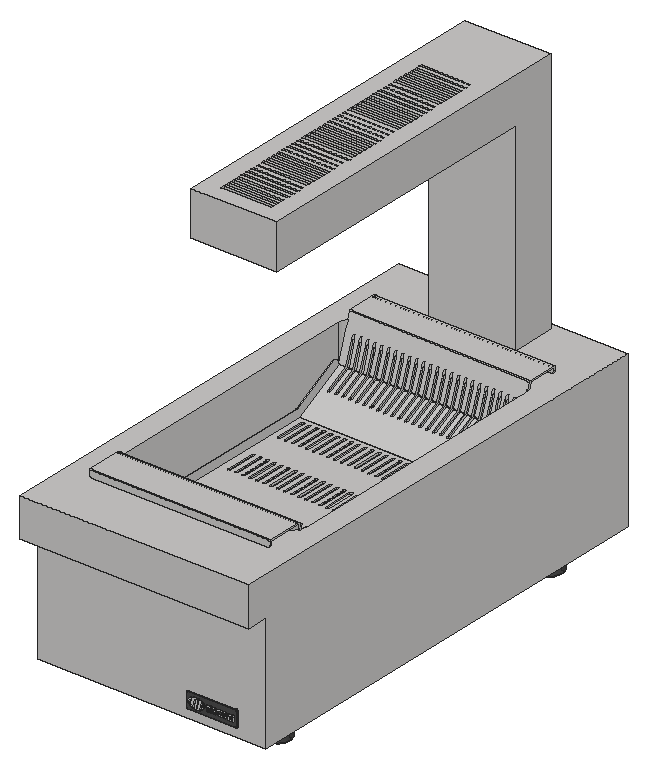
Revit family "QF_MACOM_CF71C-A2M", category Equipamento especial, Revit 2020 (continued)
Definition of nested family "ESCORREDOR_CF"
  Automatic sketch dimensions
    Extrusion 4 sketch curve to Extrusion 4 sketch curve = 54.972 mm
    Extrusion 4 sketch curve to Extrusion 4 sketch curve = 55 mm
    Extrusion 4 sketch curve to plane 4 = 4.65 mm  (x3)
    Extrusion 5 sketch curve to level = 0 mm  (x2)
    plane 3 "Center (Left/Right)" to Extrusion 5 sketch curve = 7.42 mm
    Extrusion 5 sketch curve to Extrusion 5 sketch curve = 5 mm  (x2)
    plane 4 to Extrusion 5 sketch curve = 134.702 mm
    Extrusion 6 sketch curve to level = 0 mm  (x2)
    Extrusion 6 sketch curve to Extrusion 6 sketch curve = 5 mm
    level to Extrusion 6 sketch curve = 5 mm
    plane 4 to Extrusion 6 sketch curve = 134.702 mm
    plane 3 "Center (Left/Right)" to Extrusion 6 sketch curve = 12.42 mm
Definition of nested family "Pé de apoio"
  Parameters (values of type "Pé de apoio")
    Default Elevation = 0 mm
  Reference planes
    plane 1 "Centro (Frente/Trás)": y = 0
    plane 2: z = 0
    plane 3 "Centro (Esquerda/Direita)": x = 0
  Forms (mm)
    Revolve 1, solid
      sketch origin (0, 0, 0) x (1, 0, 0) y (0, 0, 1)
        loop
          line (0, 4.6) -> (18.5, 4.6) -> (18.5, 6.565) -> (19.685, 6.565) -> (17.281, 20.026) -> (15.5, 20.026) -> (15.5, 21.498) -> (4, 21.498) -> (4, 24.6) -> (0, 24.6) -> (0, 4.6)
        axis (0, 24.6) -> (0, 4.6)
      angle from 0 to 360
  Dimensions and locks
    Revolve 1 sketch curve to Revolve 1 sketch curve = 20 mm
    aligned and locked: level to plane 2
Definition of nested family "LOGOTIPO MACOM"
  Parameters (values of type "LOGOTIPO MACOM")
    Default Elevation = 0 mm
  Reference planes
    plane 1 "Centro (Frente/Trás)": y = 0
    plane 2: z = 0
    plane 3 "Centro (Esquerda/Direita)": x = 0
    plane 4: z = 9.186
    plane 5: z = 16.297
    plane 6: z = 12.742
    plane 7: x = -24.005
  Forms (mm)
    Extrusion 1, solid
      sketch origin (0, 4.488, 0.011) x (1, 0, 0) y (0, 0.000061, 1)
        loop
          arc (-37.5, 25.9) -> (-39.268, 25.168) -> (-40, 23.4) r 2.5
          line (-40, 23.4) -> (-40, 2.5)
          arc (-40, 2.5) -> (-39.268, 0.732) -> (-37.5, 0) r 2.5
          line (-37.5, 0) -> (37.5, 0)
          arc (37.5, 0) -> (39.268, 0.732) -> (40, 2.5) r 2.5
          line (40, 2.5) -> (40, 23.4)
          arc (40, 23.4) -> (39.268, 25.168) -> (37.5, 25.9) r 2.5
          line (37.5, 25.9) -> (-37.5, 25.9)
      from 5.474 to 4.489
    Extrusion 2, solid
      sketch origin (0, 4.488, 0.011) x (1, 0, 0) y (0, 0.000061, 1)
        loop
          arc (-39, 3.5) -> (-38.268, 1.732) -> (-36.5, 1) r 2.5
          line (-36.5, 1) -> (36.5, 1)
          arc (36.5, 1) -> (38.268, 1.732) -> (39, 3.5) r 2.5
          line (39, 3.5) -> (39, 22.668)
          arc (39, 22.668) -> (38.268, 24.436) -> (36.5, 25.168) r 2.5
          line (36.5, 25.168) -> (-36.5, 25.168)
          arc (-36.5, 25.168) -> (-38.268, 24.436) -> (-39, 22.668) r 2.5
          line (-39, 22.668) -> (-39, 3.5)
      from 5.474 to 6.289
    Extrusion 3, solid
      sketch origin (24.652, 4.488, 0.011) x (-1, 0, 0) y (0, -0.000061, -1)
        loop
          line (32.653, -17.092) -> (32.653, -8.35) -> (30.809, -8.35) -> (30.809, -14.038)
          arc (30.809, -14.038) -> (30.194, -14.653) -> (29.579, -14.038) r 0.615
          line (29.579, -14.038) -> (29.579, -8.35) -> (27.735, -8.35) -> (27.735, -14.038)
          arc (27.735, -14.038) -> (27.12, -14.653) -> (26.506, -14.038) r 0.615
          line (26.506, -14.038) -> (26.506, -8.35) -> (24.661, -8.35) -> (24.661, -15.193)
          arc (24.661, -15.193) -> (25.218, -16.536) -> (26.561, -17.092) r 1.899
          line (26.561, -17.092) -> (32.653, -17.092)
        loop
          line (23.432, -8.347) -> (21.476, -8.347) -> (21.476, -10.838) -> (19.632, -10.838) -> (19.632, -8.347) -> (17.9, -8.347) -> (17.9, -15.248)
          arc (17.9, -15.248) -> (18.44, -16.552) -> (19.744, -17.092) r 1.844
          line (19.744, -17.092) -> (23.432, -17.092) -> (23.432, -8.347)
        loop
          line (19.744, -12.773) -> (19.744, -14.314)
          arc (19.744, -14.314) -> (19.926, -14.753) -> (20.365, -14.935) r 0.621
          line (20.365, -14.935) -> (21.588, -14.935) -> (21.588, -12.773) -> (19.744, -12.773)
        loop
          line (-1.629, -17.092) -> (-1.629, -8.35) -> (-3.474, -8.35) -> (-3.474, -14.038)
          arc (-3.474, -14.038) -> (-4.088, -14.653) -> (-4.703, -14.038) r 0.615
          line (-4.703, -14.038) -> (-4.703, -8.35) -> (-6.547, -8.35) -> (-6.547, -14.038)
          arc (-6.547, -14.038) -> (-7.162, -14.653) -> (-7.777, -14.038) r 0.615
          line (-7.777, -14.038) -> (-7.777, -8.35) -> (-9.621, -8.35) -> (-9.621, -15.193)
          arc (-9.621, -15.193) -> (-9.064, -16.536) -> (-7.721, -17.092) r 1.899
          line (-7.721, -17.092) -> (-1.629, -17.092)
        loop
          line (9.587, -17.092) -> (12.299, -17.092)
          arc (12.299, -17.092) -> (16.67, -12.721) -> (12.299, -8.35) r 4.371
          line (12.299, -8.35) -> (9.754, -8.35) -> (9.754, -10.194) -> (12.276, -10.194)
          arc (12.276, -10.194) -> (14.804, -12.721) -> (12.276, -15.248) r 2.527
          line (12.276, -15.248) -> (9.587, -15.248) -> (9.587, -17.092)
        loop
          line (56.832, -8.05) -> (55.056, -18.123)
          spline (55.056, -18.123) -> (56.262, -17.518) -> (57.317, -16.815) -> (58.199, -16.029) -> (58.892, -15.175) -> (59.381, -14.269) -> (59.658, -13.331) -> (59.715, -12.378) -> (59.552, -11.43) -> (59.173, -10.505) -> (58.585, -9.622) -> (57.799, -8.798) -> (56.832, -8.05)
        loop
          spline (53.362, -6.487) -> (53.217, -6.446) -> (53.071, -6.406) -> (52.923, -6.368) -> (52.775, -6.331) -> (52.626, -6.295) -> (52.476, -6.26) -> (52.326, -6.227) -> (52.174, -6.195) -> (52.022, -6.165) -> (51.869, -6.136) -> (51.715, -6.108) -> (51.561, -6.082)
          line (51.561, -6.082) -> (49.643, -16.962)
          arc (49.643, -16.962) -> (50.579, -17.898) -> (51.515, -16.962) r 0.936
          line (51.515, -16.962) -> (53.362, -6.487)
        loop
          spline (48.156, -5.852) -> (48, -5.857) -> (47.843, -5.863) -> (47.687, -5.871) -> (47.531, -5.88) -> (47.375, -5.89) -> (47.22, -5.902) -> (47.065, -5.915) -> (46.91, -5.929) -> (46.755, -5.945) -> (46.601, -5.962) -> (46.447, -5.981) -> (46.294, -6.001)
          line (46.294, -6.001) -> (44.358, -16.978)
          arc (44.358, -16.978) -> (45.276, -17.896) -> (46.195, -16.978) r 0.918
          line (46.195, -16.978) -> (48.156, -5.852)
        loop
          spline (42.364, -7.044) -> (41.131, -7.649) -> (40.051, -8.356) -> (39.147, -9.149) -> (38.437, -10.014) -> (37.937, -10.931) -> (37.655, -11.882) -> (37.599, -12.848) -> (37.768, -13.809) -> (38.16, -14.746) -> (38.767, -15.639) -> (39.575, -16.47) -> (40.57, -17.222)
          line (40.57, -17.222) -> (42.364, -7.044)
        loop
          spline (61.565, -12.773) -> (61.125, -10.691) -> (59.836, -8.75) -> (57.784, -7.084) -> (55.111, -5.806) -> (51.997, -5.002) -> (48.656, -4.728) -> (45.315, -5.002) -> (42.202, -5.806) -> (39.528, -7.084) -> (37.477, -8.75) -> (36.187, -10.691) -> (35.747, -12.773)
          spline (35.747, -12.773) -> (36.187, -14.855) -> (37.477, -16.795) -> (39.528, -18.461) -> (42.202, -19.74) -> (45.315, -20.544) -> (48.656, -20.818) -> (51.997, -20.544) -> (55.111, -19.74) -> (57.784, -18.461) -> (59.836, -16.795) -> (61.125, -14.855) -> (61.565, -12.773)
        loop
          circle (3.963, -12.726) r 4.377
        loop
          circle (3.963, -12.726) r 2.582
      from 6.289 to 6.977
  Dimensions and locks
    equal spacing: plane 5, plane 6, plane 4
    aligned and locked: level to plane 2
